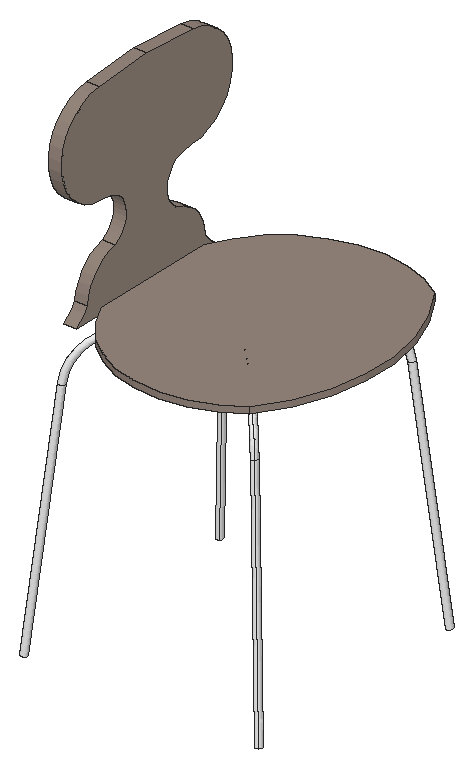
Revit family "Chair 1", category Furniture, Revit 2025
Family settings
  Work Plane-Based = No
  Enable Cutting in Views = No
  Always vertical = Yes
  Cut with Voids When Loaded = No
  Render Appearance Source = Family Geometry
  Shared = No
  Room Calculation Point = No
Parameters
  Keynote = "12600"
  Manufacturer = ""
  Default Elevation = 0 mm
  Bracket Material = Herman Miller - Finish 47 Trivalent Chrome
  Model = ""
  Cushion/Chair Back Material = Herman Miller - Veneer Z5 Maple
  BG_DIM_Width1 [instance] = 0 mm
  BG_DIM_Height1 [instance] = 0 mm
  BG_DIM_Depth1 [instance] = 0 mm
Reference planes
  plane 1 "Center F/B": y = -198.997
  plane 2: z = 0
  plane 3 "Center L/R": x = -1.022
Forms (mm)
  Sweep 1, solid, material "Herman Miller - Finish 47 Trivalent Chrome" <- "Bracket Material"
    path origin (61.052, -65.204, 45) x (0, 0, -1) y (0.707107, -0.707107, 0)
      loop
        line (45, -82.843) -> (-332.364, -36.508)
        arc (-332.364, -36.508) -> (-382.531, -10.114) -> (-402.615, 42.895) r 80
        line (-402.615, 42.895) -> (-402.615, 181.322)
    profile origin (18.855, -23.007, 188.682) x (-0.701836, 0.701836, 0.121869) y (-0.707107, -0.707107, 0)
      loop
        circle (0, 0) r 5
  Sweep 2, solid, material "Herman Miller - Finish 47 Trivalent Chrome" <- "Bracket Material"
    path origin (57.516, -325.168, 45) x (0, 0, -1) y (0.707107, 0.707107, 0)
      loop
        line (45, -82.843) -> (-332.364, -36.508)
        arc (-332.364, -36.508) -> (-382.531, -10.114) -> (-402.615, 42.895) r 80
        line (-402.615, 42.895) -> (-402.615, 181.322)
    profile origin (15.319, -367.364, 188.682) x (-0.701836, -0.701836, 0.121869) y (0.707107, -0.707107, 0)
      loop
        circle (0, 0) r 5
  Sweep 3, solid, material "Herman Miller - Finish 47 Trivalent Chrome" <- "Bracket Material"
    path origin (303.338, -65.204, 45) x (0, 0, -1) y (0.707107, 0.707107, 0)
      loop
        line (45, 82.843) -> (-332.364, 36.508)
        arc (-332.364, 36.508) -> (-382.531, 10.114) -> (-402.615, -42.895) r 80
        line (-402.615, -42.895) -> (-402.615, -181.322)
    profile origin (345.535, -23.007, 188.682) x (0.701836, 0.701836, 0.121869) y (-0.707107, 0.707107, 0)
      loop
        circle (0, 0) r 5
  Sweep 4, solid, material "Herman Miller - Finish 47 Trivalent Chrome" <- "Bracket Material"
    path origin (306.873, -325.168, 45) x (0, 0, -1) y (0.707107, -0.707107, 0)
      loop
        line (45, 82.843) -> (-332.364, 36.508)
        arc (-332.364, 36.508) -> (-382.531, 10.114) -> (-402.615, -42.895) r 80
        line (-402.615, -42.895) -> (-402.615, -181.322)
    profile origin (349.07, -367.364, 188.682) x (0.701836, -0.701836, 0.121869) y (0.707107, 0.707107, 0)
      loop
        circle (0, 0) r 5
  Extrusion 5, solid, material "Herman Miller - Veneer Z5 Maple" <- "Cushion/Chair Back Material"
    sketch origin (0, 0, 0) x (1, 0, 0) y (0, 1, 0)
      loop
        arc (340, -9.099) -> (152.776, 17.913) -> (32.728, -128.274) r 192.616
        line (32.728, -128.274) -> (32.728, -249.923)
        arc (32.728, -249.923) -> (152.776, -396.11) -> (340, -369.099) r 192.616
        arc (340, -369.099) -> (400.673, -189.099) -> (340, -9.099) r 297.34
    from 450 to 460
  Extrusion 6, solid, material "Herman Miller - Veneer Z5 Maple" <- "Cushion/Chair Back Material"
    sketch origin (390, -409.099, -27.081) x (0, 0, -1) y (0, 1, 0)
      loop
        arc (-498.809, 95.839) -> (-486.21, 86.065) -> (-477.081, 72.99) r 53.087
        line (-477.081, 72.99) -> (-477.081, 347.212)
        arc (-477.081, 347.212) -> (-486.21, 334.138) -> (-498.809, 324.364) r 53.087
        arc (-498.809, 324.364) -> (-539.073, 308.301) -> (-561.143, 270.989) r 67.175
        arc (-561.143, 270.989) -> (-601.737, 249.17) -> (-634.197, 281.887) r 38.521
        line (-634.197, 281.887) -> (-636.604, 298.938)
        arc (-636.604, 298.938) -> (-714.694, 376.726) -> (-796.127, 302.444) r 79.872
        line (-796.127, 302.444) -> (-802.584, 210.101) -> (-796.127, 117.759)
        arc (-796.127, 117.759) -> (-714.694, 43.477) -> (-636.604, 121.265) r 79.872
        line (-636.604, 121.265) -> (-634.197, 138.316)
        arc (-634.197, 138.316) -> (-601.737, 171.033) -> (-561.143, 149.213) r 38.521
        arc (-561.143, 149.213) -> (-539.073, 111.901) -> (-498.809, 95.839) r 67.175
    from -367.272 to -347.272
Dimensions and locks
  aligned and locked: plane 1 "Center F/B" to Extrusion 6
